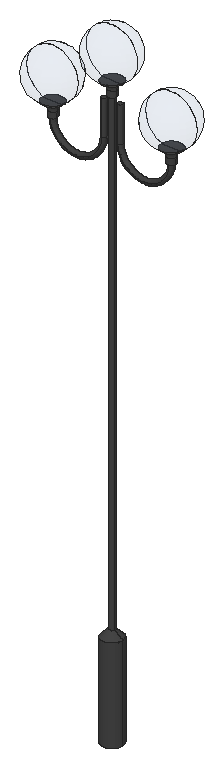
Revit family
Parameters
  Wattage = 9.2903 W
  built-in parameter 1150110 = 1 (stored number, unit not read)
  built-in parameter 1114217 = 1 (stored number, unit not read)
  built-in parameter 1150109 = 1 (stored number, unit not read)
  built-in parameter 1150134 = 3
  built-in parameter 1150113 = 1 (stored number, unit not read)
  Material Post = Metal - Black
  Material Lamp Glazing = Glass - Blue Frosted
  built-in parameter 1150105 = 109.82 (stored number, unit not read)
  Lumens = 1380 lm
  built-in parameter 1150115 = 1 (stored number, unit not read)
  Light Source Symbol Size = 609.6 mm
  built-in parameter 1150137 = (empty or 0)
  built-in parameter 1150139 = (empty or 0)
  built-in parameter 1150112 = 1 (stored number, unit not read)
  built-in parameter 1150114 = 1 (stored number, unit not read)
  Keynote = "V"
  built-in parameter 1150132 = 2
  built-in parameter 1150102 = (empty or 0)
  built-in parameter 1150107 = 3200 (stored number, unit not read)
  built-in parameter 1150138 = (empty or 0)
  built-in parameter 1150106 = 1.0982 (stored number, unit not read)
  Fixture Height = 3500 mm
  built-in parameter 1150104 = 13.8 (stored number, unit not read)
  Dimming Lamp Color Temperature Shift = (empty or 0)
  Color Filter = 16777215
  Base Height = 550 mm
  built-in parameter 1114218 = 1 (stored number, unit not read)
  built-in parameter 1150133 = 10 (stored number, unit not read)
Reference planes
  plane 1 "Light Source Axis (F/B)": y = 0
  plane 2: z = 0
  plane 3 "Light Source Axis (L/R)": x = 0
  plane 4 "Fixture Top": z = 3500
  plane 5: y = -7.5
  plane 6 "Light Source Elevation": z = 3800
Forms (mm)
  Revolve 1, solid, material "Metal - Black" <- "Material Post"
    sketch origin (0, 0, 0) x (1, 0, 0) y (0, 0, 1)
      loop
        line (0, 0) -> (0, 3456.111) -> (-60, 3456.111)
        arc (-60, 3456.111) -> (-34.161, 3442.171) -> (-25, 3414.277) r 39.64
        line (-25, 3414.277) -> (-25, 3379.277) -> (-17.574, 3379.277) -> (-17.574, 592.426) -> (-60, 550) -> (-60, 0) -> (0, 0)
      axis (0, 0) -> (0, 3456.111)
    angle from 0 to 360
  Revolve 2, solid, material "Metal - Black" <- "Material Post"
    sketch origin (-97.613, 0, -40) x (1, 0, 0) y (0, 0, 1)
      loop
        line (-248.565, 3189.675) -> (-248.565, 3266.508) -> (-308.565, 3266.508)
        arc (-308.565, 3266.508) -> (-282.726, 3252.568) -> (-273.565, 3224.675) r 39.64
        line (-273.565, 3224.675) -> (-273.565, 3189.675) -> (-248.565, 3189.675)
      axis (-248.565, 3189.675) -> (-248.565, 3266.508)
    angle from 0 to 360
  Revolve 3, solid, material "Glass - Blue Frosted" <- "Material Lamp Glazing"
    sketch origin (-97.613, 0, -40) x (1, 0, 0) y (0, 0, 1)
      loop
        line (-248.565, 3261.508) -> (-248.565, 3558.37)
        arc (-248.565, 3558.37) -> (-397.779, 3423.713) -> (-279.09, 3261.508) r 150
        line (-279.09, 3261.508) -> (-248.565, 3261.508)
      axis (-248.565, 3261.508) -> (-248.565, 3558.37)
    angle from 0 to 360
  Revolve 4, solid, material "Metal - Black"
    sketch origin (97.869, 0, -40) x (-1, 0, 0) y (0, 0, 1)
      loop
        line (-248.565, 3189.675) -> (-248.565, 3266.508) -> (-308.565, 3266.508)
        arc (-308.565, 3266.508) -> (-282.726, 3252.568) -> (-273.565, 3224.675) r 39.64
        line (-273.565, 3224.675) -> (-273.565, 3189.675) -> (-248.565, 3189.675)
      axis (-248.565, 3189.675) -> (-248.565, 3266.508)
    angle from 0 to 360
  Sweep 5, solid, material "Metal - Black" <- "Material Post"
    path origin (0, 0, 0) x (1, 0, 0) y (0, 0, 1)
      loop
        line (-48.565, 3349.675) -> (-48.565, 3149.675)
        arc (-48.565, 3149.675) -> (-198.565, 2999.675) -> (-348.565, 3149.675) r 150
    profile origin (0, 0, 3249.675) x (0, -1, 0) y (1, 0, 0)
      loop
        circle (0, -48.565) r 15
  Sweep 6, solid, material "Metal - Black" <- "Material Post"
    path origin (0, 0, 0) x (1, 0, 0) y (0, 0, 1)
      loop
        line (46.435, 3349.675) -> (46.435, 3149.675)
        arc (46.435, 3149.675) -> (196.435, 2999.675) -> (346.435, 3149.675) r 150
    profile origin (0, 0, 3249.675) x (0, -1, 0) y (1, 0, 0)
      loop
        circle (0, 46.435) r 15
  Revolve 7, solid, material "Glass - Blue Frosted" <- "Material Lamp Glazing"
    sketch origin (248.565, 0, 189.603) x (1, 0, 0) y (0, 0, 1)
      loop
        line (-248.565, 3261.508) -> (-248.565, 3558.37)
        arc (-248.565, 3558.37) -> (-397.779, 3423.713) -> (-279.09, 3261.508) r 150
        line (-279.09, 3261.508) -> (-248.565, 3261.508)
      axis (-248.565, 3261.508) -> (-248.565, 3558.37)
    angle from 0 to 360
  Revolve 8, solid, material "Glass - Blue Frosted" <- "Material Lamp Glazing"
    sketch origin (595, 0, -40) x (1, 0, 0) y (0, 0, 1)
      loop
        line (-248.565, 3261.508) -> (-248.565, 3558.37)
        arc (-248.565, 3558.37) -> (-397.779, 3423.713) -> (-279.09, 3261.508) r 150
        line (-279.09, 3261.508) -> (-248.565, 3261.508)
      axis (-248.565, 3261.508) -> (-248.565, 3558.37)
    angle from 0 to 360
  Extrusion 9, solid, material "Metal - Black" <- "Material Post"
    sketch origin (0, -7.5, 0) x (1, 0, 0) y (0, 0, 1)
      loop
        line (-37.483, 3316.297) -> (-37.483, 3294.326) -> (-12.483, 3294.326) -> (-12.483, 3316.297) -> (-37.483, 3316.297)
    from 0 to -15
  Extrusion 10, solid, material "Metal - Black" <- "Material Post"
    sketch origin (0, -7.5, -50) x (1, 0, 0) y (0, 0, 1)
      loop
        line (-37.483, 3316.297) -> (-37.483, 3294.326) -> (-12.483, 3294.326) -> (-12.483, 3316.297) -> (-37.483, 3316.297)
    from 0 to -15
  Extrusion 11, solid, material "Metal - Black" <- "Material Post"
    sketch origin (0, -7.5, -145) x (1, 0, 0) y (0, 0, 1)
      loop
        line (-37.483, 3316.297) -> (-37.483, 3294.326) -> (-12.483, 3294.326) -> (-12.483, 3316.297) -> (-37.483, 3316.297)
    from 0 to -15
  Extrusion 12, solid, material "Metal - Black" <- "Material Post"
    sketch origin (0, -7.5, 0) x (-1, 0, 0) y (0, 0, -1)
      loop
        line (-37.483, -3316.297) -> (-12.483, -3316.297) -> (-12.483, -3294.326) -> (-37.483, -3294.326) -> (-37.483, -3316.297)
    from 0 to -15
  Extrusion 13, solid, material "Metal - Black" <- "Material Post"
    sketch origin (0, -7.5, -50) x (-1, 0, 0) y (0, 0, -1)
      loop
        line (-37.483, -3316.297) -> (-12.483, -3316.297) -> (-12.483, -3294.326) -> (-37.483, -3294.326) -> (-37.483, -3316.297)
    from 0 to -15
  Extrusion 14, solid, material "Metal - Black" <- "Material Post"
    sketch origin (0, -7.5, -145) x (-1, 0, 0) y (0, 0, -1)
      loop
        line (-37.483, -3316.297) -> (-12.483, -3316.297) -> (-12.483, -3294.326) -> (-37.483, -3294.326) -> (-37.483, -3316.297)
    from 0 to -15
Dimensions and locks
  "Base Height": Revolve 1 sketch curve to Revolve 1 sketch curve
  "Fixture Height": plane 4 "Fixture Top" to plane 2
  locked: plane 6 "Light Source Elevation" to plane 4 "Fixture Top" at 300
  aligned and locked: plane 3 "Light Source Axis (L/R)" to imposter light
  aligned and locked: imposter light to plane 1 "Light Source Axis (F/B)"
  aligned and locked: plane 6 "Light Source Elevation" to imposter light
Automatic sketch dimensions
  Revolve 1 sketch curve to level = 0 mm
  Revolve 1 sketch curve to plane 3 "Light Source Axis (L/R)" = 0 mm  (x2)
  Revolve 1 sketch curve to plane 3 "Light Source Axis (L/R)" = 17.574 mm
  Revolve 1 sketch curve to Revolve 1 sketch curve = 7.426 mm
  Revolve 1 sketch curve to plane 3 "Light Source Axis (L/R)" = 60 mm
  Revolve 1 sketch curve to Revolve 1 sketch curve = 35 mm  (x2)
  Revolve 1 sketch curve to Revolve 1 sketch curve = 39.563 mm
  Revolve 1 sketch curve to Revolve 1 sketch curve = 271.696 mm
  Revolve 1 sketch curve to Revolve 1 sketch curve = 42.426 mm
  Revolve 1 sketch curve to Revolve 1 sketch curve = 76.834 mm
  plane 4 "Fixture Top" to Revolve 1 sketch curve = 43.889 mm
  Revolve 1 sketch curve to plane 4 "Fixture Top" = 1165.289 mm
  Revolve 2 sketch curve to plane 3 "Light Source Axis (L/R)" = 410.741 mm
  Revolve 2 sketch curve to Revolve 2 sketch curve = 4.563 mm
  Revolve 2 sketch curve to Revolve 2 sketch curve = 39.563 mm
  Revolve 2 sketch curve to Revolve 2 sketch curve = 25 mm
  Revolve 2 sketch curve to Revolve 2 sketch curve = 0 mm  (x2)
  plane 4 "Fixture Top" to Revolve 2 sketch curve = 350.325 mm
  Revolve 2 sketch curve to Revolve 2 sketch curve = 35 mm
  Revolve 2 sketch curve to Revolve 2 sketch curve = 2.458 mm
  Revolve 2 sketch curve to plane 4 "Fixture Top" = 99.675 mm
  plane 3 "Light Source Axis (L/R)" to Revolve 4 sketch curve = 410.998 mm
  Revolve 4 sketch curve to Revolve 4 sketch curve = 4.563 mm
  Revolve 4 sketch curve to Revolve 4 sketch curve = 39.563 mm
  Revolve 4 sketch curve to Revolve 4 sketch curve = 25 mm
  Revolve 4 sketch curve to Revolve 4 sketch curve = 0 mm  (x2)
  plane 4 "Fixture Top" to Revolve 4 sketch curve = 350.325 mm
  Revolve 4 sketch curve to Revolve 4 sketch curve = 35 mm
  Revolve 4 sketch curve to Revolve 4 sketch curve = 2.458 mm
  Revolve 4 sketch curve to plane 4 "Fixture Top" = 99.675 mm
  Sweep 5 sketch curve to plane 1 "Light Source Axis (F/B)" = 0 mm
  Sweep 5 sketch curve to profile plane = 0 mm
  Sweep 6 sketch curve to plane 1 "Light Source Axis (F/B)" = 0 mm
  Sweep 6 sketch curve to profile plane = 0 mm
  Sweep 5 sketch curve to plane 3 "Light Source Axis (L/R)" = 348.565 mm
  Sweep 5 sketch curve to Sweep 5 sketch curve = 150 mm
  plane 4 "Fixture Top" to Sweep 5 sketch curve = 350.325 mm
  plane 4 "Fixture Top" to Sweep 5 sketch curve = 150.325 mm
  plane 3 "Light Source Axis (L/R)" to Sweep 6 sketch curve = 46.435 mm
  Sweep 6 sketch curve to Sweep 6 sketch curve = 150 mm
  plane 4 "Fixture Top" to Sweep 6 sketch curve = 350.325 mm
  plane 4 "Fixture Top" to Sweep 6 sketch curve = 150.325 mm
  Revolve 3 sketch curve to plane 3 "Light Source Axis (L/R)" = 376.703 mm
  Revolve 3 sketch curve to Revolve 3 sketch curve = 30.525 mm
  Revolve 3 sketch curve to Revolve 3 sketch curve = 0 mm
  plane 4 "Fixture Top" to Revolve 3 sketch curve = 350.325 mm
  Revolve 3 sketch curve to Revolve 3 sketch curve = 71.834 mm
  plane 4 "Fixture Top" to Revolve 3 sketch curve = 131.63 mm
  Revolve 3 sketch curve to Revolve 3 sketch curve = 5 mm
  Revolve 7 sketch curve to plane 3 "Light Source Axis (L/R)" = 0 mm  (x2)
  Revolve 7 sketch curve to Revolve 7 sketch curve = 30.525 mm
  plane 4 "Fixture Top" to Revolve 7 sketch curve = 120.723 mm
  plane 4 "Fixture Top" to Revolve 7 sketch curve = 48.889 mm
  Revolve 7 sketch curve to plane 4 "Fixture Top" = 97.972 mm
  Revolve 7 sketch curve to Revolve 7 sketch curve = 5 mm
  plane 3 "Light Source Axis (L/R)" to Revolve 8 sketch curve = 315.91 mm
  Revolve 8 sketch curve to Revolve 8 sketch curve = 30.525 mm
  Revolve 8 sketch curve to Revolve 8 sketch curve = 0 mm
  plane 4 "Fixture Top" to Revolve 8 sketch curve = 350.325 mm
  Revolve 8 sketch curve to Revolve 8 sketch curve = 71.834 mm
  plane 4 "Fixture Top" to Revolve 8 sketch curve = 131.63 mm
  Revolve 8 sketch curve to Revolve 8 sketch curve = 5 mm
  Extrusion 9 sketch curve to plane 3 "Light Source Axis (L/R)" = 37.483 mm
  Extrusion 9 sketch curve to plane 3 "Light Source Axis (L/R)" = 12.483 mm
  plane 4 "Fixture Top" to Extrusion 9 sketch curve = 205.674 mm
  Extrusion 9 sketch curve to Extrusion 9 sketch curve = 21.97 mm
  Extrusion 10 sketch curve to plane 3 "Light Source Axis (L/R)" = 37.483 mm
  Extrusion 10 sketch curve to plane 3 "Light Source Axis (L/R)" = 12.483 mm
  plane 4 "Fixture Top" to Extrusion 10 sketch curve = 255.674 mm
  Extrusion 10 sketch curve to Extrusion 10 sketch curve = 21.97 mm
  Extrusion 11 sketch curve to plane 3 "Light Source Axis (L/R)" = 37.483 mm
  Extrusion 11 sketch curve to plane 3 "Light Source Axis (L/R)" = 12.483 mm
  plane 4 "Fixture Top" to Extrusion 11 sketch curve = 350.674 mm
  Extrusion 11 sketch curve to Extrusion 11 sketch curve = 21.97 mm
  plane 3 "Light Source Axis (L/R)" to Extrusion 12 sketch curve = 37.483 mm
  plane 3 "Light Source Axis (L/R)" to Extrusion 12 sketch curve = 12.483 mm
  plane 4 "Fixture Top" to Extrusion 12 sketch curve = 183.703 mm
  Extrusion 12 sketch curve to Extrusion 12 sketch curve = 21.97 mm
  plane 3 "Light Source Axis (L/R)" to Extrusion 13 sketch curve = 37.483 mm
  plane 3 "Light Source Axis (L/R)" to Extrusion 13 sketch curve = 12.483 mm
  plane 4 "Fixture Top" to Extrusion 13 sketch curve = 233.703 mm
  Extrusion 13 sketch curve to Extrusion 13 sketch curve = 21.97 mm
  plane 3 "Light Source Axis (L/R)" to Extrusion 14 sketch curve = 37.483 mm
  plane 3 "Light Source Axis (L/R)" to Extrusion 14 sketch curve = 12.483 mm
  plane 4 "Fixture Top" to Extrusion 14 sketch curve = 328.703 mm
  Extrusion 14 sketch curve to Extrusion 14 sketch curve = 21.97 mm
  radius of Sweep 5 sketch curve = 15 mm
  radius of Sweep 6 sketch curve = 15 mm
